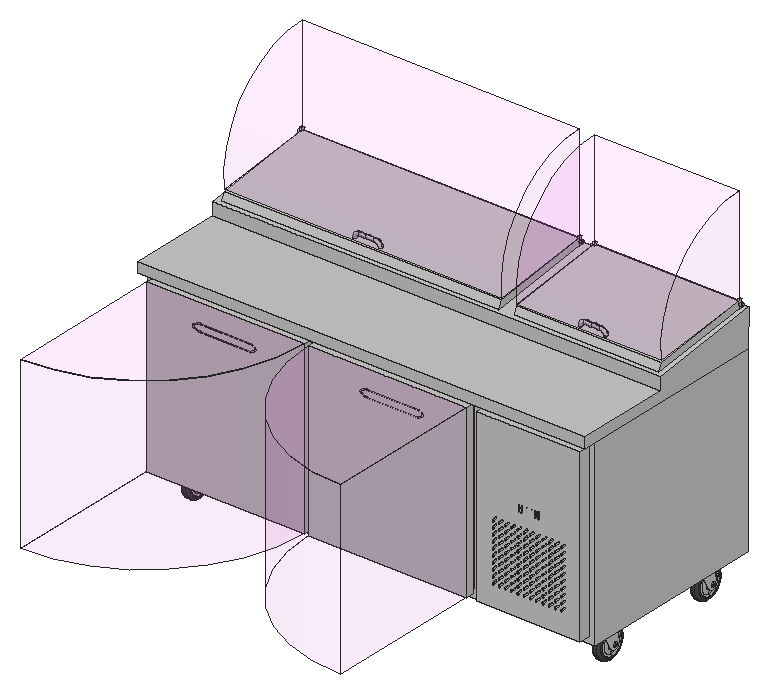
Revit family "QF_Kelvinator_738253_KCHPT72.9", category Specialty Equipment, Revit 2021 (continued)
Definition of nested family "KCHPT"
  Forms (in)
    Extrusion 34, void
      sketch origin (9.71895, -31.99996, 32.23218) x (0, 0, 1) y (1, 0, 0)
        loop
          line (-1.94791, 26.10318) -> (-1.94791, 34.45318) -> (-2.28604, 34.99418)
          arc (-2.28604, 34.99418) -> (-2.38541, 35.04926) -> (-2.48479, 34.99418) r 0.11719
          line (-2.48479, 34.99418) -> (-2.82291, 34.45318) -> (-2.82291, 26.10318) -> (-2.48621, 25.56446)
          arc (-2.48621, 25.56446) -> (-2.38541, 25.50859) -> (-2.28462, 25.56446) r 0.11887
          line (-2.28462, 25.56446) -> (-1.94791, 26.10318)
      from 0 to 0.31887
    Sweep 35, solid
      path origin (9.71895, -29.19996, 32.23218) x (0, 0, -1) y (1, 0, 0)
        loop
          line (2.82291, 34.45318) -> (2.48479, 34.99418)
          arc (2.48479, 34.99418) -> (2.38541, 35.04926) -> (2.28604, 34.99418) r 0.11719
          line (2.28604, 34.99418) -> (1.94791, 34.45318) -> (1.94791, 26.10318) -> (2.28462, 25.56446)
          arc (2.28462, 25.56446) -> (2.38541, 25.50859) -> (2.48621, 25.56446) r 0.11887
          line (2.48621, 25.56446) -> (2.82291, 26.10318) -> (2.82291, 34.45318)
      profile origin (39.99713, -29.19996, 29.40927) x (0, 0, -1) y (0, -1, 0)
        loop
          line (0, 2.8) -> (0.25, 2.8)
          arc (0.25, 2.8) -> (0.125, 2.85269) -> (0, 2.8) r 0.17461
    Extrusion 36, solid, visible <- "Show Clearance"
      sketch origin (70.00716, -180, 38.03561) x (0, 0, -1) y (0, 1, 0)
        loop
          line (-3.10975, 179.26864) -> (-18.63729, 179.26864)
          arc (-18.63729, 179.26864) -> (-13.43996, 167.67592) -> (-1.32725, 163.84375) r 15.52754
          line (-1.32725, 163.84375) -> (-3.10975, 179.26864)
      from 0 to -22.9
    Extrusion 37, solid, visible <- "Show Clearance"
      sketch origin (0.80534, -180, 38.03561) x (0, 0, -1) y (0, -1, 0)
        loop
          line (-3.10975, -179.26864) -> (-1.32725, -163.84375)
          arc (-1.32725, -163.84375) -> (-13.43996, -167.67592) -> (-18.63729, -179.26864) r 15.52754
          line (-18.63729, -179.26864) -> (-3.10975, -179.26864)
      from 0 to -43.9
    Extrusion 38, solid, visible <- "Show Clearance"
      sketch origin (1.21311, -30.3125, 33.3809) x (1, 0, 0) y (0, 1, 0)
        loop
          line (0, -1.75) -> (0, -26.75)
          arc (0, -26.75) -> (17.67767, -19.42767) -> (25, -1.75) r 25
          line (25, -1.75) -> (0, -1.75)
        loop
          arc (25.69547, -1.75) -> (33.0178, -19.42767) -> (50.69547, -26.75) r 25
          line (50.69547, -26.75) -> (50.69547, -1.75) -> (25.69547, -1.75)
      from 0 to -26.9
  Cuts and joins
    joined: Extrusion 4, Extrusion 5, Extrusion 6, Extrusion 7, Revolve 8, Revolve 9, Sweep 10
    Extrusion 18 cuts Extrusion 15
    Extrusion 19, Extrusion 34 cuts Extrusion 11
    Extrusion 21 cuts Extrusion 2
    joined: Extrusion 23, Extrusion 24, Extrusion 25, Extrusion 26, Revolve 27, Revolve 28, Sweep 29
    Extrusion 34 cuts Extrusion 30
  Lines and regions (in)
    symbolic lines
      curve 1: line (0, 0, 0) -> (0, -32.3125, 0)
      curve 2: line (0, -17.4, 0) -> (70.8125, -17.4, 0)
      curve 3: line (70.8125, -32.3125, 0) -> (70.8125, 0, 0)
      curve 4: line (70.8125, 0, 0) -> (0, 0, 0)
      curve 5: line (0, -32.3125, 0) -> (70.8125, -32.3125, 0)
      curve 6: line (0.80534, -16.65751, 0) -> (44.70428, -16.65751, 0)
      curve 7: line (0.80534, -16.15625, 0) -> (44.70428, -16.15625, 0)
      curve 8: line (0.80534, -0.97488, 0) -> (0.80534, -16.65751, 0)
      curve 9: line (44.70428, -16.65751, 0) -> (44.70428, -0.97488, 0)
      curve 10: line (0.63594, -0.93994, 0) -> (0.91702, -0.93994, 0)
      curve 11: line (0.63594, -0.88039, 0) -> (0.91702, -0.88039, 0)
      curve 12: line (0.63594, -0.58362, 0) -> (0.91702, -0.58362, 0)
      curve 13: line (0.63594, -0.48188, 0) -> (0.91702, -0.48188, 0)
      curve 14: line (0.91702, -0.97488, 0) -> (0.91702, -0.34814, 0)
      curve 15: line (0.63594, -0.34814, 0) -> (0.63594, -0.97818, 0)
      curve 16: line (1.08307, -0.44954, 0) -> (1.08307, -0.71931, 0)
      curve 17: line (1.08307, -0.71931, 0) -> (44.35482, -0.71931, 0)
      curve 18: line (44.55954, -0.73136, 0) -> (0.91702, -0.73136, 0)
      curve 19: line (44.35482, -0.54253, 0) -> (1.08307, -0.54253, 0)
      curve 20: line (1.08307, -0.44954, 0) -> (44.35482, -0.44954, 0)
      curve 21: line (0.91702, -0.60032, 0) -> (1.08307, -0.60032, 0)
      curve 22: line (0.25604, -0.62438, 0) -> (0.25604, -0.92764, 0)
      curve 23: line (0.25604, -0.92764, 0) -> (0.29171, -0.92764, 0)
      curve 24: line (0.25604, -0.62438, 0) -> (0.29171, -0.62438, 0)
      curve 25: line (0.29171, -0.57383, 0) -> (0.29171, -0.97818, 0)
      curve 26: line (0.63594, -0.97818, 0) -> (0.29171, -0.97818, 0)
      curve 27: line (0.29171, -0.57383, 0) -> (0.63594, -0.57383, 0)
      curve 28: line (0.63594, -0.97488, 0) -> (0.91702, -0.97488, 0)
      curve 29: line (44.84062, -0.93994, 0) -> (44.55954, -0.93994, 0)
      curve 30: line (44.84062, -0.88039, 0) -> (44.55954, -0.88039, 0)
      curve 31: line (44.84062, -0.58362, 0) -> (44.55954, -0.58362, 0)
      curve 32: line (44.84062, -0.48188, 0) -> (44.55954, -0.48188, 0)
      curve 33: line (44.55954, -0.97488, 0) -> (44.55954, -0.34814, 0)
      curve 34: line (44.84062, -0.34814, 0) -> (44.84062, -0.97818, 0)
      curve 35: line (45.22053, -0.62438, 0) -> (45.22053, -0.92764, 0)
      curve 36: line (45.22053, -0.92764, 0) -> (45.18485, -0.92764, 0)
      curve 37: line (45.22053, -0.62438, 0) -> (45.18485, -0.62438, 0)
      curve 38: line (45.18485, -0.57383, 0) -> (45.18485, -0.97818, 0)
      curve 39: line (44.84062, -0.97818, 0) -> (45.18485, -0.97818, 0)
      curve 40: line (45.18485, -0.57383, 0) -> (44.84062, -0.57383, 0)
      curve 41: line (44.84062, -0.97488, 0) -> (44.55954, -0.97488, 0)
      curve 42: line (44.35482, -0.71931, 0) -> (44.35482, -0.44954, 0)
      curve 43: spline (20.50001, -15.22935, 0) -> (20.50442, -15.18301, 0) -> (20.51749, -15.1383, 0) -> (20.53877, -15.0968, 0) -> (20.5675, -15.05998, 0) -> (20.60266, -15.02913, 0) -> (20.64302, -15.00535, 0) -> (20.68716, -14.98947, 0) -> (20.73351, -14.98205, 0) -> (20.78045, -14.98336, 0) -> (20.82631, -14.99334, 0) -> (20.86947, -15.01165, 0) -> (20.90843, -15.03764, 0)
      curve 44: arc (20.50001, -15.22935, 0) -> (20.58626, -15.43762, 0) -> (20.79452, -15.52388, 0) r 0.29451
      curve 45: line (22.75, -15.07149, 0) -> (21.33909, -15.07149, 0)
      curve 46: arc (20.90843, -15.03764, 0) -> (21.12309, -15.06302, 0) -> (21.33909, -15.07149, 0) r 2.75609
      curve 47: line (22.75, -15.57149, 0) -> (21.43337, -15.57149, 0)
      curve 48: arc (20.79452, -15.52388, 0) -> (21.11306, -15.55957, 0) -> (21.43337, -15.57149, 0) r 4.31013
      curve 49: spline (24.99999, -15.22912, 0) -> (24.99555, -15.1828, 0) -> (24.98245, -15.13812, 0) -> (24.96115, -15.09666, 0) -> (24.93241, -15.05988, 0) -> (24.89724, -15.02907, 0) -> (24.85689, -15.00531, 0) -> (24.81276, -14.98946, 0) -> (24.76642, -14.98206, 0) -> (24.7195, -14.98337, 0) -> (24.67366, -14.99336, 0) -> (24.63051, -15.01166, 0) -> (24.59157, -15.03764, 0)
      curve 50: arc (24.99999, -15.22912, 0) -> (24.91382, -15.43753, 0) -> (24.70548, -15.52388, 0) r 0.29451
      curve 51: line (22.75, -15.07149, 0) -> (24.16091, -15.07149, 0)
      curve 52: arc (24.59157, -15.03764, 0) -> (24.37691, -15.06302, 0) -> (24.16091, -15.07149, 0) r 2.75609
      curve 53: line (22.75, -15.57149, 0) -> (24.06663, -15.57149, 0)
      curve 54: arc (24.70548, -15.52388, 0) -> (24.38694, -15.55957, 0) -> (24.06663, -15.57149, 0) r 4.31013
      curve 55: line (44.35482, -0.60032, 0) -> (44.55954, -0.60032, 0)
      curve 56: line (47.10716, -16.65751, 0) -> (70.00716, -16.65751, 0)
      curve 57: line (47.10716, -16.15625, 0) -> (70.00716, -16.15625, 0)
      curve 58: line (47.10716, -0.97488, 0) -> (47.10716, -16.65751, 0)
      curve 59: line (70.00716, -16.65751, 0) -> (70.00716, -0.97488, 0)
      curve 60: line (46.97188, -0.93994, 0) -> (47.25296, -0.93994, 0)
      curve 61: line (46.97188, -0.88039, 0) -> (47.25296, -0.88039, 0)
      curve 62: line (46.97188, -0.58362, 0) -> (47.25296, -0.58362, 0)
      curve 63: line (46.97188, -0.48188, 0) -> (47.25296, -0.48188, 0)
      curve 64: line (47.25296, -0.97488, 0) -> (47.25296, -0.34814, 0)
      curve 65: line (46.97188, -0.34814, 0) -> (46.97188, -0.97818, 0)
      curve 66: line (47.45768, -0.44954, 0) -> (47.45768, -0.71931, 0)
      curve 67: line (47.45768, -0.71931, 0) -> (69.80695, -0.71931, 0)
      curve 68: line (69.86662, -0.73136, 0) -> (47.25296, -0.73136, 0)
      curve 69: line (69.80695, -0.54253, 0) -> (47.45768, -0.54253, 0)
      curve 70: line (47.45768, -0.44954, 0) -> (69.80695, -0.44954, 0)
      curve 71: line (47.25296, -0.60032, 0) -> (47.45768, -0.60032, 0)
      curve 72: line (46.59197, -0.62438, 0) -> (46.59197, -0.92764, 0)
      curve 73: line (46.59197, -0.92764, 0) -> (46.62765, -0.92764, 0)
      curve 74: line (46.59197, -0.62438, 0) -> (46.62765, -0.62438, 0)
      curve 75: line (46.62765, -0.57383, 0) -> (46.62765, -0.97818, 0)
      curve 76: line (46.97188, -0.97818, 0) -> (46.62765, -0.97818, 0)
      curve 77: line (46.62765, -0.57383, 0) -> (46.97188, -0.57383, 0)
      curve 78: line (46.97188, -0.97488, 0) -> (47.25296, -0.97488, 0)
      curve 79: line (70.1477, -0.93994, 0) -> (69.86662, -0.93994, 0)
      curve 80: line (70.1477, -0.88039, 0) -> (69.86662, -0.88039, 0)
      curve 81: line (70.1477, -0.58362, 0) -> (69.86662, -0.58362, 0)
      curve 82: line (70.1477, -0.48188, 0) -> (69.86662, -0.48188, 0)
      curve 83: line (69.86662, -0.97488, 0) -> (69.86662, -0.34814, 0)
      curve 84: line (70.1477, -0.34814, 0) -> (70.1477, -0.97818, 0)
      curve 85: line (70.5276, -0.62438, 0) -> (70.5276, -0.92764, 0)
      curve 86: line (70.5276, -0.92764, 0) -> (70.49193, -0.92764, 0)
      curve 87: line (70.5276, -0.62438, 0) -> (70.49193, -0.62438, 0)
      curve 88: line (70.49193, -0.57383, 0) -> (70.49193, -0.97818, 0)
      curve 89: line (70.1477, -0.97818, 0) -> (70.49193, -0.97818, 0)
      curve 90: line (70.49193, -0.57383, 0) -> (70.1477, -0.57383, 0)
      curve 91: line (70.1477, -0.97488, 0) -> (69.86662, -0.97488, 0)
      curve 92: line (69.80695, -0.71931, 0) -> (69.80695, -0.44954, 0)
      curve 93: spline (56.21094, -15.22935, 0) -> (56.21536, -15.18301, 0) -> (56.22843, -15.1383, 0) -> (56.24971, -15.0968, 0) -> (56.27843, -15.05998, 0) -> (56.3136, -15.02913, 0) -> (56.35396, -15.00535, 0) -> (56.3981, -14.98947, 0) -> (56.44445, -14.98205, 0) -> (56.49138, -14.98336, 0) -> (56.53724, -14.99334, 0) -> (56.58041, -15.01165, 0) -> (56.61937, -15.03764, 0)
      curve 94: arc (56.21094, -15.22935, 0) -> (56.2972, -15.43762, 0) -> (56.50545, -15.52388, 0) r 0.29451
      curve 95: line (58.46094, -15.07149, 0) -> (57.05003, -15.07149, 0)
      curve 96: arc (56.61937, -15.03764, 0) -> (56.83403, -15.06302, 0) -> (57.05003, -15.07149, 0) r 2.75609
      curve 97: line (58.46094, -15.57149, 0) -> (57.14431, -15.57149, 0)
      curve 98: arc (56.50545, -15.52388, 0) -> (56.824, -15.55957, 0) -> (57.14431, -15.57149, 0) r 4.31013
      curve 99: spline (60.71093, -15.22912, 0) -> (60.70649, -15.1828, 0) -> (60.69338, -15.13813, 0) -> (60.67209, -15.09666, 0) -> (60.64335, -15.05988, 0) -> (60.60818, -15.02907, 0) -> (60.56782, -15.00531, 0) -> (60.5237, -14.98946, 0) -> (60.47736, -14.98206, 0) -> (60.43044, -14.98337, 0) -> (60.3846, -14.99336, 0) -> (60.34145, -15.01166, 0) -> (60.30251, -15.03764, 0)
      curve 100: arc (60.71093, -15.22912, 0) -> (60.62476, -15.43753, 0) -> (60.41642, -15.52388, 0) r 0.29451
      curve 101: line (58.46094, -15.07149, 0) -> (59.87185, -15.07149, 0)
      curve 102: arc (60.30251, -15.03764, 0) -> (60.08784, -15.06302, 0) -> (59.87185, -15.07149, 0) r 2.75609
      curve 103: line (58.46094, -15.57149, 0) -> (59.77757, -15.57149, 0)
      curve 104: arc (60.41642, -15.52388, 0) -> (60.09788, -15.55957, 0) -> (59.77757, -15.57149, 0) r 4.31013
      curve 105: line (69.80695, -0.60032, 0) -> (69.86662, -0.60032, 0)
      curve 106: arc (22.89971, -44.5, 0) -> (25.33808, -38.61885, 0) -> (26.21186, -32.3125, 0) r 25
      curve 107: line (1.64612, -32.3125, 0) -> (22.89971, -44.5, 0)
      curve 108: arc (26.90983, -32.3125, 0) -> (27.78361, -38.61885, 0) -> (30.22198, -44.5, 0) r 25
      curve 109: line (30.22198, -44.5, 0) -> (51.47557, -32.3125, 0)
  Dimensions and locks (in)
    equal spacing: plane 3 "LEFT", plane 7 "Center Y", plane 4 "RIGHT"
    "Length": plane 3 "LEFT" to plane 4 "RIGHT"
    equal spacing: plane 5 "FRONT", plane 8 "Center X", plane 1 "BACK"
    "Depth": plane 5 "FRONT" to plane 1 "BACK"
    "Height": plane 6 "TOP" to level
    plane 5 "FRONT" to plane 1 "BACK" = 32 5/16"
    plane 9 to plane 1 "BACK" = 58.9"
    plane 10 to plane 1 "BACK" = 17.4"
    plane 11 to plane 12 = 28.3"
    plane 13 to plane 11 = 5.9"
    plane 6 "TOP" to plane 12 = 35 1/2"
    plane 14 to plane 11 = 1.6"
    level to plane 15 = 5 1/2"
    plane 17 to plane 16 = 26.8"
    Extrusion 11 to Extrusion 12 = 26.55244"
    locked: plane 19 to plane 18 at 16.45194
    locked: plane 4 "RIGHT" to plane 19 at 0.95197
    locked: plane 21 to plane 3 "LEFT" at 2.875
    locked: plane 4 "RIGHT" to plane 20 at 2.875
    locked: plane 22 to plane 3 "LEFT" at 1.21311
    locked: plane 23 to plane 24 at 43.9
    locked: plane 25 to plane 26 at 22.9
    locked: plane 4 "RIGHT" to plane 25 at 0.80534
    locked: plane 3 "LEFT" to plane 23 at 0.80534
    locked: plane 29 to plane 22 at 25
    locked: plane 27 to plane 28 at 25
    locked: plane 28 to plane 29 at 0.69547
    aligned and locked: level to plane 2
    aligned and locked: Extrusion 22 to Extrusion 1
    aligned and locked: cut or joined group of Extrusion 2, Extrusion 21 to plane 18
    aligned and locked: plane 19 to cut or joined group of Extrusion 2, Extrusion 21
    aligned and locked: plane 20 to nested 3
    aligned and locked: plane 20 to nested 1
    aligned and locked: plane 21 to nested 4
    aligned and locked: plane 21 to nested 2
    aligned and locked: Extrusion 1 to plane 4 "RIGHT"
    aligned and locked: Extrusion 3 to plane 4 "RIGHT"
    aligned and locked: cut or joined group of Extrusion 23, Extrusion 24, Extrusion 25, Extrusion 26, Revolve 27, Revolve 28, Sweep 29 to plane 25
    aligned and locked: cut or joined group of Extrusion 23, Extrusion 24, Extrusion 25, Extrusion 26, Revolve 27, Revolve 28, Sweep 29 to plane 26
    aligned and locked: plane 23 to cut or joined group of Extrusion 4, Extrusion 5, Extrusion 6, Extrusion 7, Revolve 8, Revolve 9, Sweep 10
    aligned and locked: cut or joined group of Extrusion 4, Extrusion 5, Extrusion 6, Extrusion 7, Revolve 8, Revolve 9, Sweep 10 to plane 24
    aligned and locked: cut or joined group of Extrusion 11, Extrusion 19, Extrusion 34 to plane 22
    aligned and locked: plane 29 to cut or joined group of Extrusion 11, Extrusion 19, Extrusion 34
    aligned and locked: cut or joined group of Extrusion 30, Extrusion 34 to plane 28
    aligned and locked: plane 27 to cut or joined group of Extrusion 30, Extrusion 34
  Automatic sketch dimensions
    Extrusion 1 sketch curve to plane 11 = 0"
    plane 15 to Extrusion 1 sketch curve = 0"
    Extrusion 1 sketch curve to plane 1 "BACK" = 0"
    Extrusion 1 sketch curve to plane 5 "FRONT" = 2"
    Extrusion 1 to Extrusion 2 sketch curve = 0.95244"
    Extrusion 2 sketch curve to Extrusion 1 = 0.9809"
    Extrusion 1 to Extrusion 2 sketch curve = 17.40392"
    Extrusion 1 to Extrusion 2 sketch curve = 0.95197"
    Extrusion 3 sketch curve to plane 5 "FRONT" = 0"
    Extrusion 3 sketch curve to plane 10 = 0"
    Extrusion 3 sketch curve to plane 1 "BACK" = 0"
    Extrusion 3 sketch curve to plane 11 = 0"
    Extrusion 3 sketch curve to plane 14 = 0"
    Extrusion 3 sketch curve to plane 13 = 0"
    Extrusion 3 sketch curve to Extrusion 3 sketch curve = 2"
    Extrusion 4 sketch curve to plane 8 "Center X" = 0"
    Extrusion 4 sketch curve to plane 8 "Center X" = 0.50126"
    Extrusion 4 sketch curve to plane 6 "TOP" = 0.38798"
    plane 1 "BACK" to Extrusion 4 sketch curve = 0.73136"
    Extrusion 4 sketch curve to plane 13 = 0.07935"
    plane 1 "BACK" to Extrusion 4 sketch curve = 0.60032"
    Extrusion 5 sketch curve to plane 13 = 0.07935"
    plane 1 "BACK" to Extrusion 5 sketch curve = 0.60032"
    plane 1 "BACK" to Extrusion 5 sketch curve = 0.54253"
    Extrusion 5 sketch curve to plane 13 = 0.05942"
    Extrusion 5 sketch curve to Extrusion 5 sketch curve = 0.15078"
    Extrusion 5 sketch curve to plane 6 "TOP" = 0.47918"
    Extrusion 5 sketch curve to Extrusion 5 sketch curve = 0.17678"
    Extrusion 6 sketch curve to plane 6 "TOP" = 0"
    Extrusion 6 sketch curve to plane 6 "TOP" = 0.4535"
    plane 1 "BACK" to Extrusion 6 sketch curve = 0.97488"
    Extrusion 6 sketch curve to Extrusion 6 sketch curve = 0.03494"
    Extrusion 6 sketch curve to plane 6 "TOP" = 0.10315"
    Extrusion 6 sketch curve to Extrusion 6 sketch curve = 0.05955"
    Extrusion 6 sketch curve to plane 13 = 0.14487"
    plane 1 "BACK" to Extrusion 6 sketch curve = 0.84383"
    Extrusion 6 sketch curve to Extrusion 6 sketch curve = 0.24784"
    Extrusion 6 sketch curve to plane 6 "TOP" = 0.30034"
    Extrusion 6 sketch curve to Extrusion 6 sketch curve = 0.03226"
    Extrusion 6 sketch curve to plane 6 "TOP" = 0.26026"
    Extrusion 6 sketch curve to Extrusion 6 sketch curve = 0.04008"
    Extrusion 6 sketch curve to Extrusion 6 sketch curve = 0.01467"
    Extrusion 6 sketch curve to plane 6 "TOP" = 0.25129"
    Extrusion 6 sketch curve to Extrusion 6 sketch curve = 0.03347"
    Extrusion 6 sketch curve to plane 6 "TOP" = 0.06671"
    Extrusion 6 sketch curve to Extrusion 6 sketch curve = 0.0376"
    Extrusion 6 sketch curve to plane 6 "TOP" = 0.16845"
    Extrusion 6 sketch curve to Extrusion 6 sketch curve = 0.10174"
    Extrusion 6 sketch curve to plane 13 = 0.07935"
    Extrusion 6 sketch curve to plane 6 "TOP" = 0.45216"
    Extrusion 6 sketch curve to Extrusion 6 sketch curve = 0.12039"
    Extrusion 7 sketch curve to plane 6 "TOP" = 0"
    Extrusion 7 sketch curve to plane 6 "TOP" = 0.4535"
    plane 1 "BACK" to Extrusion 7 sketch curve = 0.97488"
    Extrusion 7 sketch curve to Extrusion 7 sketch curve = 0.03494"
    Extrusion 7 sketch curve to plane 6 "TOP" = 0.10315"
    Extrusion 7 sketch curve to Extrusion 7 sketch curve = 0.05955"
    Extrusion 7 sketch curve to plane 13 = 0.14487"
    plane 1 "BACK" to Extrusion 7 sketch curve = 0.84383"
    Extrusion 7 sketch curve to Extrusion 7 sketch curve = 0.24784"
    Extrusion 7 sketch curve to plane 6 "TOP" = 0.30034"
    Extrusion 7 sketch curve to Extrusion 7 sketch curve = 0.03226"
    Extrusion 7 sketch curve to plane 6 "TOP" = 0.26026"
    Extrusion 7 sketch curve to Extrusion 7 sketch curve = 0.04008"
    Extrusion 7 sketch curve to Extrusion 7 sketch curve = 0.05475"
    Extrusion 7 sketch curve to plane 6 "TOP" = 0.25129"
    Extrusion 7 sketch curve to Extrusion 7 sketch curve = 0.03347"
    Extrusion 7 sketch curve to plane 6 "TOP" = 0.06671"
    Extrusion 7 sketch curve to Extrusion 7 sketch curve = 0.0376"
    Extrusion 7 sketch curve to plane 6 "TOP" = 0.16845"
    Extrusion 7 sketch curve to Extrusion 7 sketch curve = 0.10174"
    Extrusion 7 sketch curve to plane 13 = 0.07935"
    Extrusion 7 sketch curve to plane 6 "TOP" = 0.45216"
    Extrusion 7 sketch curve to Extrusion 7 sketch curve = 0.12039"
    Revolve 8 sketch curve to plane 6 "TOP" = 67/128"
    Revolve 8 sketch curve to Revolve 8 sketch curve = 0.05054"
    Revolve 8 sketch curve to Revolve 8 sketch curve = 0.15163"
    plane 3 "LEFT" to Revolve 8 sketch curve = 0.25604"
    Revolve 8 sketch curve to Revolve 8 sketch curve = 0.03568"
    plane 23 to Revolve 8 sketch curve = 0.1694"
    Revolve 8 sketch curve to Revolve 8 sketch curve = 0"  (x2)
    plane 3 "LEFT" to Revolve 8 sketch curve = 0.07467"
    Revolve 9 sketch curve to plane 6 "TOP" = 67/128"
    Revolve 9 sketch curve to Revolve 9 sketch curve = 0.05054"
    Revolve 9 sketch curve to Revolve 9 sketch curve = 0.15163"
    Revolve 9 sketch curve to plane 24 = 0.13528"
    Revolve 9 sketch curve to Revolve 9 sketch curve = 0.34423"
    Revolve 9 sketch curve to Revolve 9 sketch curve = 0.03568"
    Revolve 9 sketch curve to Revolve 9 sketch curve = 0"  (x2)
    Revolve 9 sketch curve to Revolve 9 sketch curve = 0.18136"
    Sweep 10 sketch curve to plane 29 = 3.45777"
    Sweep 10 sketch curve to Sweep 10 sketch curve = 3/4"  (x2)
    Sweep 10 sketch curve to Sweep 10 sketch curve = 1 1/4"  (x2)
    Sweep 10 sketch curve to Sweep 10 sketch curve = 3/16"  (x2)
    profile plane to Sweep 10 sketch curve = 0"  (x2)
    Extrusion 1 to Extrusion 11 sketch curve = 0.95244"
    Extrusion 11 sketch curve to Extrusion 1 = 0.9809"
    Extrusion 1 to Extrusion 11 sketch curve = 1.21311"
    Extrusion 11 sketch curve to Extrusion 11 sketch curve = 25"
    Extrusion 12 sketch curve to plane 17 = 0"
    plane 16 to Extrusion 12 sketch curve = 0.55"
    Extrusion 12 sketch curve to plane 5 "FRONT" = 1.38811"
    Extrusion 12 sketch curve to Extrusion 12 sketch curve = 1/4"
    Extrusion 13 sketch curve to plane 17 = 0"
    plane 16 to Extrusion 13 sketch curve = 0.55"
    Extrusion 13 sketch curve to plane 5 "FRONT" = 1.63811"
    Extrusion 13 sketch curve to Extrusion 13 sketch curve = 0.2269"
    Extrusion 14 sketch curve to plane 17 = 0"
    plane 16 to Extrusion 14 sketch curve = 0.55"
    Extrusion 14 sketch curve to plane 5 "FRONT" = 1.86501"
    Extrusion 14 sketch curve to Extrusion 14 sketch curve = 0.13499"
    Extrusion 15 sketch curve to plane 20 = 4.6764"
    Extrusion 15 sketch curve to Extrusion 15 sketch curve = 0.07874"  (x3)
    Extrusion 15 sketch curve to Extrusion 15 sketch curve = 0"  (x7)
    Extrusion 15 sketch curve to Extrusion 15 sketch curve = 0.3937"  (x2)
    Extrusion 15 sketch curve to Extrusion 15 sketch curve = 0.07748"  (x3)
    Extrusion 15 sketch curve to Extrusion 15 sketch curve = 2.04976"
    plane 16 to Extrusion 15 sketch curve = 12.1219"
    Extrusion 15 sketch curve to Extrusion 15 sketch curve = 0.07665"  (x3)
    Extrusion 15 sketch curve to Extrusion 15 sketch curve = 1/256"
    Extrusion 15 sketch curve to Extrusion 15 sketch curve = 0.31914"  (x6)
    Extrusion 15 sketch curve to Extrusion 15 sketch curve = 0.03519"  (x4)
    Extrusion 15 to Extrusion 16 sketch curve = 0"  (x10)
    Extrusion 16 sketch curve to Extrusion 15 = 0"  (x14)
    Extrusion 17 sketch curve to Extrusion 15 = 0"  (x3)
    Extrusion 15 to Extrusion 17 sketch curve = 0"
    Extrusion 18 sketch curve to plane 20 = 4.6764"
    Extrusion 18 sketch curve to Extrusion 18 sketch curve = 3.14961"
    plane 16 to Extrusion 18 sketch curve = 12.1219"
    Extrusion 18 sketch curve to Extrusion 18 sketch curve = 1.1811"
    plane 16 to Extrusion 19 sketch curve = 4.17406"
    Extrusion 19 sketch curve to Extrusion 19 sketch curve = 0.3367"
    Extrusion 19 sketch curve to Extrusion 19 sketch curve = 0.33813"  (x2)
    Extrusion 19 sketch curve to Extrusion 19 sketch curve = 0.09937"  (x2)
    Extrusion 19 sketch curve to Extrusion 19 sketch curve = 0.1008"  (x2)
    plane 21 to Extrusion 19 sketch curve = 5.9084"
    Extrusion 19 sketch curve to Extrusion 19 sketch curve = 0.063"
    Extrusion 19 sketch curve to Extrusion 19 sketch curve = 0.53872"  (x2)
    Extrusion 19 sketch curve to Extrusion 19 sketch curve = 8.35"
    Extrusion 19 sketch curve to Extrusion 19 sketch curve = 0"
    Extrusion 19 sketch curve to Extrusion 19 sketch curve = 0.47889"
    Extrusion 19 sketch curve to Extrusion 19 sketch curve = 0.06211"
    plane 16 to Sweep 20 sketch curve = 3.29906"
    Sweep 20 sketch curve to Sweep 20 sketch curve = 0.3367"
    Sweep 20 sketch curve to Sweep 20 sketch curve = 0.33813"  (x2)
    Sweep 20 sketch curve to Sweep 20 sketch curve = 0.09937"  (x2)
    Sweep 20 sketch curve to Sweep 20 sketch curve = 0.1008"  (x2)
    plane 21 to Sweep 20 sketch curve = 5.9084"
    Sweep 20 sketch curve to Sweep 20 sketch curve = 0.063"
    Sweep 20 sketch curve to Sweep 20 sketch curve = 0.53872"  (x2)
    Sweep 20 sketch curve to Sweep 20 sketch curve = 8.35"
    Sweep 20 sketch curve to Sweep 20 sketch curve = 0"
    Sweep 20 sketch curve to Sweep 20 sketch curve = 0.47889"
    Sweep 20 sketch curve to Sweep 20 sketch curve = 0.06211"
    Sweep 20 sketch curve to profile plane = 0"
    Sweep 20 sketch curve to profile plane = 1/8"
    profile plane to Sweep 20 sketch curve = 2.67809"
    Sweep 20 sketch curve to Sweep 20 sketch curve = 0.12191"
    Extrusion 2 to Extrusion 21 sketch curve = 3.29251"  (x3)
    Extrusion 21 sketch curve to Extrusion 21 sketch curve = 0"  (x10)
    Extrusion 21 sketch curve to Extrusion 21 sketch curve = 0.10401"  (x647)
    Extrusion 21 sketch curve to Extrusion 21 sketch curve = 0.3223"  (x164)
    Extrusion 21 sketch curve to Extrusion 21 sketch curve = 0.53033"  (x10)
    Extrusion 2 to Extrusion 21 sketch curve = 2.46946"  (x10)
    Extrusion 21 sketch curve to Extrusion 21 sketch curve = 0.26164"  (x132)
    Extrusion 2 to Extrusion 21 sketch curve = 2.99979"  (x9)
    Extrusion 2 to Extrusion 21 sketch curve = 2.57716"  (x9)
    Extrusion 2 to Extrusion 21 sketch curve = 2.26143"  (x9)
    Extrusion 2 to Extrusion 21 sketch curve = 3.10749"  (x9)
    Extrusion 2 to Extrusion 21 sketch curve = 3.57716"  (x8)
    Extrusion 2 to Extrusion 21 sketch curve = 3.43821"  (x8)
    Extrusion 2 to Extrusion 21 sketch curve = 2.78518"  (x7)
    Extrusion 2 to Extrusion 21 sketch curve = 2.79176"  (x7)
    Extrusion 2 to Extrusion 21 sketch curve = 3.96854"  (x7)
    Extrusion 2 to Extrusion 21 sketch curve = 3.23018"  (x7)
    Extrusion 2 to Extrusion 21 sketch curve = 3.31551"  (x7)
    Extrusion 2 to Extrusion 21 sketch curve = 4.43821"  (x7)
    Extrusion 2 to Extrusion 21 sketch curve = 4.10749"  (x7)
    Extrusion 2 to Extrusion 21 sketch curve = 4.96854"  (x6)
    Extrusion 2 to Extrusion 21 sketch curve = 4.57716"  (x6)
    Extrusion 2 to Extrusion 21 sketch curve = 5.10749"  (x6)
    Extrusion 2 to Extrusion 21 sketch curve = 3.78518"  (x5)
    Extrusion 2 to Extrusion 21 sketch curve = 3.76051"  (x5)
    Extrusion 2 to Extrusion 21 sketch curve = 5.54591"  (x5)
    Extrusion 2 to Extrusion 21 sketch curve = 4.31551"  (x5)
    Extrusion 2 to Extrusion 21 sketch curve = 4.23018"  (x5)
    Extrusion 2 to Extrusion 21 sketch curve = 5.43821"  (x5)
    Extrusion 21 sketch curve to Extrusion 21 sketch curve = 0.24112"  (x12)
    Extrusion 2 to Extrusion 21 sketch curve = 5.96854"  (x4)
    Extrusion 2 to Extrusion 21 sketch curve = 6.07624"  (x4)
    Extrusion 2 to Extrusion 21 sketch curve = 6.43821"  (x4)
    Extrusion 2 to Extrusion 21 sketch curve = 4.78518"  (x3)
    Extrusion 2 to Extrusion 21 sketch curve = 4.76051"  (x3)
    Extrusion 2 to Extrusion 21 sketch curve = 6.51466"  (x3)
    Extrusion 2 to Extrusion 21 sketch curve = 6.96854"  (x3)
    Extrusion 2 to Extrusion 21 sketch curve = 5.23018"  (x3)
    Extrusion 2 to Extrusion 21 sketch curve = 5.31551"  (x3)
    Extrusion 2 to Extrusion 21 sketch curve = 7.04499"  (x3)
    Extrusion 2 to Extrusion 21 sketch curve = 7.51466"  (x2)
    Extrusion 2 to Extrusion 21 sketch curve = 7.40696"  (x2)
    Extrusion 2 to Extrusion 21 sketch curve = 5.76051"
    Extrusion 2 to Extrusion 21 sketch curve = 5.75393"
    Extrusion 2 to Extrusion 21 sketch curve = 7.93729"
    Extrusion 2 to Extrusion 21 sketch curve = 6.23018"
    Extrusion 2 to Extrusion 21 sketch curve = 6.28426"
    Extrusion 2 to Extrusion 21 sketch curve = 8.04499"
    Extrusion 21 sketch curve to Extrusion 21 sketch curve = 0.23039"  (x20)
    Extrusion 22 sketch curve to Extrusion 1 = 1.18418"
    Extrusion 22 sketch curve to Extrusion 1 = 35 13/32"
    Extrusion 23 sketch curve to plane 8 "Center X" = 0"
    Extrusion 23 sketch curve to plane 8 "Center X" = 0.50126"
    Extrusion 23 sketch curve to plane 6 "TOP" = 0.38798"
    plane 1 "BACK" to Extrusion 23 sketch curve = 0.73136"
    Extrusion 23 sketch curve to plane 13 = 0.07935"
    plane 1 "BACK" to Extrusion 23 sketch curve = 0.60032"
    Extrusion 24 sketch curve to plane 13 = 0.07935"
    plane 1 "BACK" to Extrusion 24 sketch curve = 0.60032"
    plane 1 "BACK" to Extrusion 24 sketch curve = 0.54253"
    Extrusion 24 sketch curve to plane 13 = 0.05942"
    Extrusion 24 sketch curve to Extrusion 24 sketch curve = 0.15078"
    Extrusion 24 sketch curve to plane 6 "TOP" = 0.47918"
    Extrusion 24 sketch curve to Extrusion 24 sketch curve = 0.17678"
    Extrusion 25 sketch curve to plane 6 "TOP" = 0"
    Extrusion 25 sketch curve to plane 6 "TOP" = 0.4535"
    plane 1 "BACK" to Extrusion 25 sketch curve = 0.97488"
    Extrusion 25 sketch curve to Extrusion 25 sketch curve = 0.03494"
    Extrusion 25 sketch curve to plane 6 "TOP" = 0.10315"
    Extrusion 25 sketch curve to Extrusion 25 sketch curve = 0.05955"
    Extrusion 25 sketch curve to plane 13 = 0.14487"
    plane 1 "BACK" to Extrusion 25 sketch curve = 0.84383"
    Extrusion 25 sketch curve to Extrusion 25 sketch curve = 0.24784"
    Extrusion 25 sketch curve to plane 6 "TOP" = 0.30034"
    Extrusion 25 sketch curve to Extrusion 25 sketch curve = 0.03226"
    Extrusion 25 sketch curve to plane 6 "TOP" = 0.26026"
    Extrusion 25 sketch curve to Extrusion 25 sketch curve = 0.04008"
    Extrusion 25 sketch curve to Extrusion 25 sketch curve = 0.01467"
    Extrusion 25 sketch curve to plane 6 "TOP" = 0.25129"
    Extrusion 25 sketch curve to Extrusion 25 sketch curve = 0.03347"
    Extrusion 25 sketch curve to plane 6 "TOP" = 0.06671"
    Extrusion 25 sketch curve to Extrusion 25 sketch curve = 0.0376"
    Extrusion 25 sketch curve to plane 6 "TOP" = 0.16845"
    Extrusion 25 sketch curve to Extrusion 25 sketch curve = 0.10174"
    Extrusion 25 sketch curve to plane 13 = 0.07935"
    Extrusion 25 sketch curve to plane 6 "TOP" = 0.45216"
    Extrusion 25 sketch curve to Extrusion 25 sketch curve = 0.12039"
    Extrusion 26 sketch curve to plane 6 "TOP" = 0"
    Extrusion 26 sketch curve to plane 6 "TOP" = 0.4535"
    plane 1 "BACK" to Extrusion 26 sketch curve = 0.97488"
    Extrusion 26 sketch curve to Extrusion 26 sketch curve = 0.03494"
    Extrusion 26 sketch curve to plane 6 "TOP" = 0.10315"
    Extrusion 26 sketch curve to Extrusion 26 sketch curve = 0.05955"
    Extrusion 26 sketch curve to plane 13 = 0.14487"
    plane 1 "BACK" to Extrusion 26 sketch curve = 0.84383"
    Extrusion 26 sketch curve to Extrusion 26 sketch curve = 0.24784"
    Extrusion 26 sketch curve to plane 6 "TOP" = 0.30034"
    Extrusion 26 sketch curve to Extrusion 26 sketch curve = 0.03226"
    Extrusion 26 sketch curve to plane 6 "TOP" = 0.26026"
    Extrusion 26 sketch curve to Extrusion 26 sketch curve = 0.04008"
    Extrusion 26 sketch curve to Extrusion 26 sketch curve = 0.01467"
    Extrusion 26 sketch curve to plane 6 "TOP" = 0.25129"
    Extrusion 26 sketch curve to Extrusion 26 sketch curve = 0.03347"
    Extrusion 26 sketch curve to plane 6 "TOP" = 0.06671"
    Extrusion 26 sketch curve to Extrusion 26 sketch curve = 0.0376"
    Extrusion 26 sketch curve to plane 6 "TOP" = 0.16845"
    Extrusion 26 sketch curve to Extrusion 26 sketch curve = 0.10174"
    Extrusion 26 sketch curve to plane 13 = 0.07935"
    Extrusion 26 sketch curve to plane 6 "TOP" = 0.45216"
    Extrusion 26 sketch curve to Extrusion 26 sketch curve = 0.12039"
    Revolve 27 sketch curve to plane 6 "TOP" = 67/128"
    Revolve 27 sketch curve to Revolve 27 sketch curve = 0.05054"
    Revolve 27 sketch curve to Revolve 27 sketch curve = 0.15163"
    plane 25 to Revolve 27 sketch curve = 0.14054"
    plane 4 "RIGHT" to Revolve 27 sketch curve = 0.32057"
    Revolve 27 sketch curve to Revolve 27 sketch curve = 0.03568"
    Revolve 27 sketch curve to Revolve 27 sketch curve = 0"  (x2)
    plane 4 "RIGHT" to Revolve 27 sketch curve = 0.10353"
    Revolve 28 sketch curve to plane 6 "TOP" = 67/128"
    Revolve 28 sketch curve to Revolve 28 sketch curve = 0.05054"
    Revolve 28 sketch curve to Revolve 28 sketch curve = 0.15163"
    Revolve 28 sketch curve to plane 26 = 0.51518"
    Revolve 28 sketch curve to Revolve 28 sketch curve = 0.03568"
    Revolve 28 sketch curve to plane 26 = 0.13528"
    Revolve 28 sketch curve to Revolve 28 sketch curve = 0"  (x2)
    Revolve 28 sketch curve to Revolve 28 sketch curve = 0.18136"
    plane 18 to Sweep 29 sketch curve = 5.0491"
    Sweep 29 sketch curve to Sweep 29 sketch curve = 3/4"  (x2)
    Sweep 29 sketch curve to Sweep 29 sketch curve = 1 1/4"  (x2)
    Sweep 29 sketch curve to Sweep 29 sketch curve = 3/16"  (x2)
    Sweep 29 sketch curve to profile plane = 0"
    profile plane to Sweep 29 sketch curve = 0"
    Extrusion 1 to Extrusion 30 sketch curve = 0.95244"
    Extrusion 30 sketch curve to Extrusion 1 = 0.9809"
    Extrusion 1 to Extrusion 30 sketch curve = 26.90858"
    Extrusion 1 to Extrusion 30 sketch curve = 18.90392"
    plane 17 to Extrusion 31 sketch curve = 0"
    plane 16 to Extrusion 31 sketch curve = 0.55"
    Extrusion 31 sketch curve to plane 5 "FRONT" = 1.38811"
    Extrusion 31 sketch curve to Extrusion 31 sketch curve = 1/4"
    plane 17 to Extrusion 32 sketch curve = 0"
    plane 16 to Extrusion 32 sketch curve = 0.55"
    Extrusion 32 sketch curve to plane 5 "FRONT" = 1.63811"
    Extrusion 32 sketch curve to Extrusion 32 sketch curve = 0.2269"
    plane 17 to Extrusion 33 sketch curve = 0"
    plane 16 to Extrusion 33 sketch curve = 0.55"
    Extrusion 33 sketch curve to plane 5 "FRONT" = 1.86501"
    Extrusion 33 sketch curve to Extrusion 33 sketch curve = 0.13499"
    plane 24 to Extrusion 34 sketch curve = 0.53322"  (x2)
    plane 16 to Extrusion 34 sketch curve = 4.17406"
    Extrusion 34 sketch curve to plane 7 "Center Y" = 0.12285"  (x2)
    Extrusion 34 sketch curve to Extrusion 34 sketch curve = 0.3367"
    Extrusion 34 sketch curve to plane 24 = 0.00778"  (x2)
    Extrusion 34 sketch curve to Extrusion 34 sketch curve = 0.33813"  (x2)
    plane 24 to Extrusion 34 sketch curve = 0.05432"
    Extrusion 34 sketch curve to Extrusion 34 sketch curve = 0.09937"
    Extrusion 34 sketch curve to Extrusion 34 sketch curve = 0.1008"
    Extrusion 34 sketch curve to plane 7 "Center Y" = 0.05985"
    plane 7 "Center Y" to Extrusion 34 sketch curve = 0.41588"  (x2)
    plane 7 "Center Y" to Sweep 35 sketch curve = 0.41588"  (x2)
    plane 16 to Sweep 35 sketch curve = 3.29906"
    Sweep 35 sketch curve to plane 7 "Center Y" = 0.12285"  (x2)
    Sweep 35 sketch curve to Sweep 35 sketch curve = 0.3367"
    Sweep 35 sketch curve to plane 24 = 0.00778"  (x2)
    Sweep 35 sketch curve to Sweep 35 sketch curve = 0.33813"  (x2)
    plane 24 to Sweep 35 sketch curve = 0.05432"
    Sweep 35 sketch curve to Sweep 35 sketch curve = 0.09937"
    Sweep 35 sketch curve to Sweep 35 sketch curve = 0.1008"
    Sweep 35 sketch curve to plane 7 "Center Y" = 0.05985"
    plane 24 to Sweep 35 sketch curve = 0.53322"  (x2)
    Sweep 35 sketch curve to profile plane = 0"
    Sweep 35 sketch curve to profile plane = 1/8"
    profile plane to Sweep 35 sketch curve = 2.67809"
    Sweep 35 sketch curve to Sweep 35 sketch curve = 0.12191"
    Extrusion 36 sketch curve to plane 8 "Center X" = 0"
    Extrusion 36 sketch curve to plane 1 "BACK" = 0.73136"
    Extrusion 36 sketch curve to plane 6 "TOP" = 15.13956"
    plane 6 "TOP" to Extrusion 36 sketch curve = 0.38798"
    Extrusion 36 sketch curve to Extrusion 36 sketch curve = 0"
    Extrusion 37 sketch curve to plane 8 "Center X" = 0"
    plane 1 "BACK" to Extrusion 37 sketch curve = 0.73136"
    plane 6 "TOP" to Extrusion 37 sketch curve = 15.13956"
    Extrusion 37 sketch curve to plane 6 "TOP" = 0.38798"
    Extrusion 37 sketch curve to Extrusion 37 sketch curve = 0"
    Extrusion 38 sketch curve to Extrusion 11 = 0"  (x3)
    Extrusion 11 to Extrusion 38 sketch curve = 0"
    Extrusion 11 to Extrusion 38 sketch curve = 0.69547"
    Extrusion 38 sketch curve to Extrusion 11 = 25"
    plane 1 "BACK" to curve 1 = 0"
    curve 1 to plane 3 "LEFT" = 0"
    curve 8 to plane 23 = 0"
    curve 106 to plane 22 = 0"
    plane 22 to curve 107 = 0.43301"
    curve 106 to plane 29 = 0.00125"
    plane 28 to curve 108 = 0.00125"
    curve 7 to plane 8 "Center X" = 0"
    curve 56 to plane 26 = 0"
    curve 57 to plane 8 "Center X" = 0"
    curve 57 to plane 25 = 0"
    curve 3 to plane 4 "RIGHT" = 0"
    plane 5 "FRONT" to curve 5 = 0"
    curve 2 to plane 10 = 0"
    plane 3 "LEFT" to curve 22 = 0.25604"
    curve 22 to curve 27 = 0.03568"
    plane 23 to curve 26 = 0.1694"
    curve 8 to curve 14 = 0.11168"
    curve 20 to plane 22 = 0.13004"
    plane 8 "Center X" to curve 44 = 0.92688"
    curve 44 to plane 29 = 5.41859"
    curve 44 to curve 45 = 0.54457"
    curve 46 to curve 48 = 0.09428"
    curve 47 to curve 51 = 1.31663"
    curve 47 to curve 45 = 0"
    plane 8 "Center X" to curve 53 = 0.58476"
    curve 47 to curve 53 = 1.31663"
    curve 54 to curve 51 = 0.09428"
    curve 52 to curve 50 = 0.54457"
    plane 24 to curve 42 = 0.35053"
    plane 24 to curve 41 = 0.1458"
    plane 24 to curve 6 = 0.00107"
    curve 34 to plane 24 = 0.13528"
    curve 40 to curve 38 = 0.34423"
    curve 36 to curve 35 = 0.03568"
    curve 72 to plane 26 = 0.51518"
    curve 72 to curve 77 = 0.03568"
    curve 76 to plane 26 = 0.13528"
    plane 26 to curve 64 = 0.1458"
    curve 63 to curve 70 = 0.20472"
    plane 8 "Center X" to curve 94 = 0.92688"
    plane 18 to curve 94 = 3.09687"
    curve 94 to curve 95 = 0.54457"
    curve 95 to curve 97 = 0.09428"
    curve 97 to curve 95 = 1.31663"
    curve 103 to curve 95 = 0"
    plane 8 "Center X" to curve 103 = 0.58476"
    curve 97 to curve 103 = 1.31663"
    curve 104 to curve 101 = 0.09428"
    curve 101 to curve 100 = 0.54457"
    curve 92 to plane 19 = 0.05357"
    plane 19 to curve 91 = 0.00609"
    plane 25 to curve 84 = 0.14054"
    plane 4 "RIGHT" to curve 89 = 0.32057"
    curve 86 to curve 86 = 0.03568"
    curve 106 to plane 5 "FRONT" = 1/4"
    curve 109 to curve 108 = 1/4"
    curve 6 to plane 8 "Center X" = 0.50126"
    curve 59 to plane 8 "Center X" = 0.50126"
    curve 54 to curve 50 = 0.34212"
    curve 104 to curve 100 = 0.34212"
    curve 97 to curve 101 = 1/2"
    curve 47 to curve 51 = 1/2"
    curve 51 to curve 52 = 2.75609"
    curve 95 to curve 96 = 2.75609"
    curve 101 to curve 102 = 2.75609"
    curve 45 to curve 46 = 2.75609"
    curve 96 to curve 98 = 1.05403"
    curve 102 to curve 104 = 1.05403"
    curve 52 to curve 54 = 1.05403"
    curve 46 to curve 48 = 1.05403"
    plane 1 "BACK" to curve 84 = 0.97818"
    plane 1 "BACK" to curve 39 = 0.97818"
    plane 1 "BACK" to curve 75 = 0.97818"
    plane 1 "BACK" to curve 26 = 0.97818"
    curve 34 to curve 41 = 0.00331"
    curve 65 to curve 78 = 0.00331"
    curve 84 to curve 83 = 0.00331"
    curve 15 to curve 28 = 0.00331"
    curve 88 to curve 86 = 0.05054"
    curve 25 to curve 23 = 0.05054"
    curve 75 to curve 73 = 0.05054"
    curve 38 to curve 36 = 0.05054"
    curve 64 to curve 67 = 0.25557"
    curve 33 to curve 42 = 0.25557"
    curve 35 to curve 35 = 0.30326"
    curve 22 to curve 24 = 0.30326"
    curve 72 to curve 74 = 0.30326"
    curve 85 to curve 85 = 0.30326"
    curve 74 to curve 75 = 0.05054"
    curve 87 to curve 88 = 0.05054"
    curve 24 to curve 27 = 0.05054"
    curve 37 to curve 40 = 0.05054"
    curve 67 to curve 92 = 0.26976"
    curve 16 to curve 20 = 0.26976"
    curve 109 to plane 9 = 14.4"
    curve 43 to curve 43 = 0"
    curve 43 to curve 44 = 0.04452"
    curve 44 to curve 43 = 0.11391"
    curve 49 to curve 50 = 0.11391"
    curve 54 to curve 50 = 0"
    curve 50 to curve 49 = 0.04452"
    curve 49 to curve 50 = 1/4"
    curve 50 to curve 49 = 0"
    curve 94 to curve 93 = 0"  (x2)
    curve 93 to curve 94 = 0.04452"
    curve 94 to curve 93 = 0.11391"
    curve 102 to curve 100 = 0.11391"
    curve 100 to curve 100 = 0"
    curve 100 to curve 99 = 0.04452"
    curve 99 to curve 99 = 1/4"
    curve 100 to curve 99 = 0"
    curve 107 to plane 9 = 14.4"
    curve 44 to curve 43 = 0"
    curve 28 to curve 10 = 0.03494"
    curve 41 to curve 29 = 0.03494"
    curve 64 to curve 60 = 0.03494"
    curve 83 to curve 79 = 0.03494"
    curve 10 to curve 11 = 0.05955"
    curve 60 to curve 61 = 0.05955"
    curve 79 to curve 80 = 0.05955"
    curve 29 to curve 30 = 0.05955"
    curve 11 to curve 18 = 0.14902"
    curve 68 to curve 67 = 0.01206"
    curve 18 to curve 55 = 0.13104"
    curve 16 to curve 21 = 0.11899"
    curve 67 to curve 105 = 0.11899"
    curve 66 to curve 71 = 0.11899"
    curve 105 to curve 81 = 0.0167"
    curve 62 to curve 77 = 0.00979"
    curve 12 to curve 27 = 0.00979"
    curve 55 to curve 31 = 0.0167"
    curve 105 to curve 69 = 0.05779"
    curve 55 to curve 19 = 0.05779"
    curve 77 to curve 63 = 0.09196"
    curve 27 to curve 13 = 0.09196"
    curve 82 to curve 70 = 0.03234"
    curve 40 to curve 32 = 0.09196"
    curve 32 to curve 34 = 0.13374"
    curve 32 to curve 33 = 0.13374"
    curve 70 to curve 83 = 0.1014"
    curve 82 to curve 84 = 0.13374"
    curve 63 to curve 64 = 0.13374"
    curve 63 to curve 65 = 0.13374"
    curve 13 to curve 15 = 0.13374"
    curve 13 to curve 14 = 0.13374"
    curve 108 to plane 27 = 0"
    curve 109 to plane 27 = 0.43301"
    radius of Sweep 10 sketch curve = 1/4"
    radius of Extrusion 22 sketch curve = 1/4"
    radius of Sweep 29 sketch curve = 1/4"
  Nested families (in)
    nested 1: "6 INCHES 02_CASTER" at (67.9375, -25.4, 0), type "6 INCHES 02_CASTER"
      with Type Mark "", Specification by User "", Show Casters yes, Revision Code "", Item Number "", Installed By "", Identify Quantity as Lot yes, Furnished By "", Foodservice Equipment Identifier yes
    nested 2: "6 INCHES 02_CASTER" at (2.875, -25.4, 0), type "6 INCHES 02_CASTER"
      with Type Mark "", Specification by User "", Show Casters yes, Revision Code "", Item Number "", Installed By "", Identify Quantity as Lot yes, Furnished By "", Foodservice Equipment Identifier yes
    nested 3: "6 INCHES 02_CASTER" at (67.9375, -6.025, 0), type "6 INCHES 02_CASTER"
      with Type Mark "", Specification by User "", Show Casters yes, Revision Code "", Item Number "", Installed By "", Identify Quantity as Lot yes, Furnished By "", Foodservice Equipment Identifier yes
    nested 4: "6 INCHES 02_CASTER" at (2.875, -6.025, 0), type "6 INCHES 02_CASTER"
      with Type Mark "", Specification by User "", Show Casters yes, Revision Code "", Item Number "", Installed By "", Identify Quantity as Lot yes, Furnished By "", Foodservice Equipment Identifier yes
  Definition of nested family "6 INCHES 02_CASTER"
    Parameters (values of type "6 INCHES 02_CASTER")
      Weight = ""
      URL Manufacturer = ""
      URL Cutsheet = ""
      URL = ""
      Type Mark [instance] = ""
      Specification by User [instance] = ""
      Specification by Manufacturer = ""
      Show Casters [instance] = yes
      Serial Number = ""
      Seismic Rating = ""
      SMACNA No = ""
      Revision Code [instance] = ""
      Omniclass Number and Title = ""
      NAFEM Spec ID Number = ""
      Model = ""
      MasterSpec. = ""
      Manufacturer = ""
      Item Number [instance] = ""
      Installed By [instance] = ""
      Identify Quantity as Lot [instance] = yes
      Furnished By [instance] = ""
      Foodservice Equipment Identifier [instance] = yes
      Description = ""
      Default Elevation = 0"
      CSI MasterFormat = ""
      CSI Master Format = ""
    Reference planes (in)
      plane 1 "BACK": y = 0
      plane 2: z = 0
      plane 3 "LEFT": x = 0
      plane 4 "RIGHT": x = 0
      plane 5 "FRONT": y = 0
      plane 6 "TOP": z = 5.5
    Forms (in)
      Revolve 1, solid, visible <- "Show Casters"
        sketch origin (-2.21793, 0, -0.25) x (-1, 0, 0) y (0, 0, 1)
          loop
            line (-2.21793, 5.75) -> (-2.21793, 5.55584) -> (-0.71818, 5.55584) -> (-0.71818, 5.75) -> (-2.21793, 5.75)
          axis (-2.21793, 5.55584) -> (-2.21793, 5.75)
        angle from 0 to 360
      Extrusion 2, solid, visible <- "Show Casters"
        sketch origin (0.25594, 2.08988, -0.1875) x (0, 1, 0) y (0, 0, 1)
          loop
            line (-3.37793, 5.49334) -> (-3.37793, 5.24334) -> (-1.67236, 2.30765)
            arc (-1.67236, 2.30765) -> (-0.65502, 1.97635) -> (-0.25363, 2.96812) r 0.78437
            line (-0.25363, 2.96812) -> (-0.80182, 5.49334) -> (-3.37793, 5.49334)
        from 0.78968 to 0.90247
      Extrusion 3, solid, visible <- "Show Casters"
        sketch origin (-0.25594, 2.08988, -0.1875) x (0, 1, 0) y (0, 0, -1)
          loop
            line (-3.37793, -5.24334) -> (-3.37793, -5.49334) -> (-0.80182, -5.49334) -> (-0.25363, -2.96812)
            arc (-0.25363, -2.96812) -> (-0.65502, -1.97635) -> (-1.67236, -2.30765) r 0.78437
            line (-1.67236, -2.30765) -> (-3.37793, -5.24334)
        from 0.78968 to 0.90247
      Extrusion 4, solid, visible <- "Show Casters"
        sketch origin (0, -0.12806, 0.75) x (0, 1, 0) y (0, 0, 1)
          loop
            line (-1.16, 4.55584) -> (-1.16, 4.30584) -> (1.41611, 4.30584) -> (1.41611, 4.55584) -> (-1.16, 4.55584)
        from -1.04562 to 1.04562
      Revolve 5, solid, visible <- "Show Casters"
        sketch origin (-1.9375, 1.11772, -0.12802) x (1, 0, 0) y (0, 0, 1)
          loop
            line (0.5843, 2.5666) -> (0.5843, 2.4286) -> (0.6343, 2.3786) -> (0.6943, 2.3786) -> (0.6943, 2.2429) -> (1.1725, 2.2429) -> (1.1725, 1.84743) -> (1.30191, 1.77271) -> (1.42647, 1.00302) -> (1.28125, 1.00302) -> (1.28125, 0.75302) -> (1.3125, 0.75302) -> (1.3125, 0.50302)
            arc (1.3125, 0.50302) -> (1.42233, 0.23785) -> (1.6875, 0.12802) r 0.375
            line (1.6875, 0.12802) -> (2.1875, 0.12802)
            arc (2.1875, 0.12802) -> (2.45267, 0.23785) -> (2.5625, 0.50302) r 0.375
            line (2.5625, 0.50302) -> (2.5625, 0.75302) -> (2.59375, 0.75302) -> (2.59375, 1.00302) -> (2.44853, 1.00302) -> (2.57366, 1.77622) -> (2.7025, 1.85061) -> (2.7025, 2.2429) -> (3.1807, 2.2429) -> (3.1807, 2.3786) -> (3.2407, 2.3786) -> (3.2907, 2.4286) -> (3.2907, 2.5666) -> (0.5843, 2.5666)
          axis (0.5843, 2.5666) -> (3.2907, 2.5666)
        angle from 0 to 360
    Cuts and joins
      joined: Extrusion 2, Extrusion 3, Extrusion 4
    Lines and regions (in)
      symbolic lines, visible <- "Show Casters"
        curve 1: line (0.45873, 2.04243, 0) -> (1.54127, 1.41743, 0)
        curve 2: line (-1.54127, -1.42167, 0) -> (-0.79127, -0.12263, 0)
        curve 3: line (-0.45873, -2.04667, 0) -> (-1.54127, -1.42167, 0)
        curve 4: line (1.54127, 1.41743, 0) -> (0.79127, 0.11839, 0)
        curve 5: line (-0.29127, 0.74339, 0) -> (0.45873, 2.04243, 0)
        curve 6: line (0.29127, -0.74763, 0) -> (-0.45873, -2.04667, 0)
    Dimensions and locks (in)
      plane 6 "TOP" to level = 5 1/2"  (x2)
      aligned and locked: level to plane 2
